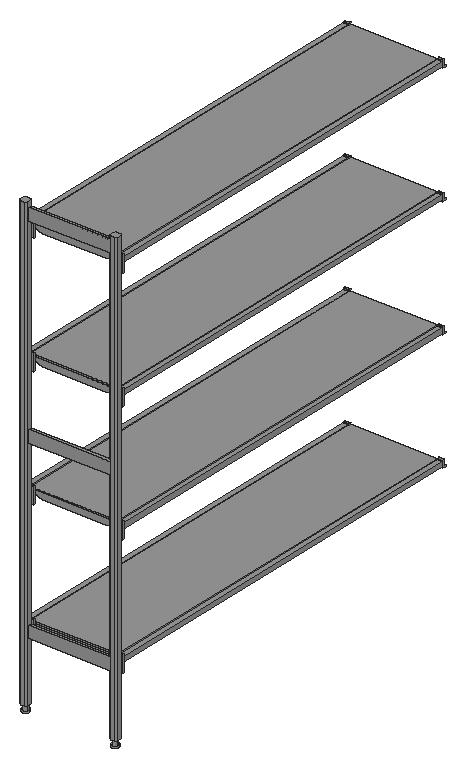
Revit family "QF_ELECTROLUXPROFESSIONAL_137058_ACS1537", category Attrezzature speciali, Revit 2020
Family settings
  Quota connettore circolare = Usa diametro
  Tipo di parte = Normale
  Basato su piano di lavoro = No
  Sempre verticale = Sì
  Taglio con vuoti quando caricato = No
  Condiviso = No
  Punto di calcolo locali = No
Parameters (values of type "Standard")
  Weight = 23.00 kg
  Watts = 0 W
  Volts = 0 V
  URL Manufacturer = "https://www.electroluxprofessional.com/"
  URL = "https://www.electroluxprofessional.com/"
  Steam Supply Size = 0 mm
  Steam Supply Minimum Pressure = 0.0 Pa
  Steam Supply Maximum Pressure = 0.0 Pa
  Steam Consumption per Hour = 0
  Refrigeration Suction Line Size = 0.0 mm
  Refrigeration Liquid Line Size = 0.0 mm
  Refrigerant Compressor Remote = yes
  Prospetto di default = 0.0 mm
  Phase = 0
  Modello = "ACS1537"
  Produttore = "Electrolux Professional"
  Length Actual = 1541.0 mm  # constant formula
  Item Number = "137058"
  Hot Water Size = 0 mm
  Height Actual = 1700.0 mm  # constant formula
  HP = "0 HP"
  Gas Size = 0 mm
  Gas KW = 0
  Gas Input Pressure = 0 W
  Direct Waste Size = 0 mm
  Descrizione = "ALUM.CORNER SHELV.-POLY.TIERS-373X1541MM"
  Depth Actual = 373.0 mm  # constant formula
  Cycle = 0 Hz
  Condensate Return Size = 0 mm
  Compressed Air Volume = 0.0 L/s
  Compressed Air Size = 0 mm
  Compressed Air Pressure = 0.0 Pa
  Cold Water Size = 0 mm
  Accessory = yes
Reference planes
  plane 1: z = 0
  plane 2 "Center (F/B)": y = -163.5
  plane 3 "Front": y = -549.5
  plane 4 "Left": x = -217.5
  plane 5 "Right": x = 155.5
  plane 6 "TOP": z = 1700
  plane 7: y = -517.5
  plane 8: y = 987.5
  plane 9 "Center (Left/Right)": x = -31
  plane 10: y = 982.5
  plane 11: x = -186
  plane 12: x = 124
  plane 13 "FEET": z = 25
  plane 14: z = 275
  plane 15: z = 725
  plane 16: z = 1175
  plane 17: z = 1625
  plane 18 "CXLeft": y = -535.5
  plane 19: x = -200
  plane 20 "CYBack": x = -200
  plane 21 "CYFront": x = 138
  plane 22 "Back": y = 991.5
  plane 23 "LEFT_ORIGIN": x = -251.5
  plane 24 "BACK_Origin": y = 1364.5
Forms (mm)
  Extrusion 1, solid, material "QF_Aluminum"
    sketch origin (0, -549.5, 0) x (-1, 0, 0) y (0, 0, 1)
      loop
        line (198.5, 1650.994) -> (198.5, 1632.998) -> (217.5, 1632.998) -> (217.5, 1650.994) -> (198.5, 1650.994)
      loop
        line (-136.5, 1650.994) -> (-155.5, 1650.994) -> (-155.5, 1632.998) -> (-136.5, 1632.998) -> (-136.5, 1650.994)
      loop
        line (198.5, 1200.994) -> (198.5, 1182.998) -> (217.5, 1182.998) -> (217.5, 1200.994) -> (198.5, 1200.994)
      loop
        line (-136.5, 1200.994) -> (-155.5, 1200.994) -> (-155.5, 1182.998) -> (-136.5, 1182.998) -> (-136.5, 1200.994)
      loop
        line (198.5, 750.994) -> (198.5, 732.998) -> (217.5, 732.998) -> (217.5, 750.994) -> (198.5, 750.994)
      loop
        line (-136.5, 750.994) -> (-155.5, 750.994) -> (-155.5, 732.998) -> (-136.5, 732.998) -> (-136.5, 750.994)
      loop
        line (198.5, 300.994) -> (198.5, 282.998) -> (217.5, 282.998) -> (217.5, 300.994) -> (198.5, 300.994)
      loop
        line (-136.5, 300.994) -> (-155.5, 300.994) -> (-155.5, 282.998) -> (-136.5, 282.998) -> (-136.5, 300.994)
    from 32 to 1537
  Extrusion 2, solid, material "QF_Polyethylene"
    sketch origin (0, -549.5, 0) x (-1, 0, 0) y (0, 0, 1)
      loop
        line (196.507, 1650.994) -> (-134.5, 1650.994) -> (-134.5, 1644.496) -> (196.507, 1644.496) -> (196.507, 1650.994)
      loop
        line (196.507, 1200.994) -> (-134.5, 1200.994) -> (-134.5, 1194.496) -> (196.507, 1194.496) -> (196.507, 1200.994)
      loop
        line (196.507, 750.994) -> (-134.5, 750.994) -> (-134.5, 744.496) -> (196.507, 744.496) -> (196.507, 750.994)
      loop
        line (196.507, 300.994) -> (-134.5, 300.994) -> (-134.5, 294.496) -> (196.507, 294.496) -> (196.507, 300.994)
    from 32 to 1537
Lines and regions (mm)
  symbolic lines
    curve 1: line (-198.5, 987.5, 1700) -> (-198.5, -517.5, 1700)
    curve 2: line (-217.5, -521.5, 1700) -> (-217.5, 987.5, 1700)
    curve 3: line (155.5, -521.5, 1700) -> (155.5, 987.5, 1700)
    curve 4: line (-181.507, -517.5, 1700) -> (119.507, -517.5, 1700)
    curve 5: line (136.5, -517.5, 1700) -> (136.5, 987.5, 1700)
    curve 6: line (-198.5, 987.5, 1700) -> (136.5, 987.5, 1700)
Dimensions and locks
  plane 3 "Front" to plane 2 "Center (F/B)" = 386.0 mm
  locked: plane 6 "TOP" to level at 1700
  locked: plane 4 "Left" to plane 5 "Right" at 373
  locked: plane 7 to plane 8 at 1505
  locked: plane 3 "Front" to plane 7 at 32
  plane 10 to plane 8 = 5.0 mm
  locked: plane 11 to plane 12 at 310
  equal spacing: plane 11, plane 9 "Center (Left/Right)", plane 12
  equal spacing: plane 4 "Left", plane 9 "Center (Left/Right)", plane 5 "Right"
  plane 13 "FEET" to level = 25.0 mm
  plane 6 "TOP" to plane 13 "FEET" = 1675.0 mm
  plane 14 to plane 13 "FEET" = 250.0 mm
  plane 15 to plane 14 = 450.0 mm
  plane 16 to plane 15 = 450.0 mm
  plane 17 to plane 16 = 450.0 mm
  locked: plane 3 "Front" to plane 18 "CXLeft" at 14
  locked: plane 3 "Front" to plane 22 "Back" at 1541
  plane 23 "LEFT_ORIGIN" to plane 5 "Right" = 407.0 mm
  locked: plane 22 "Back" to plane 24 "BACK_Origin" at 373
  aligned and locked: level to plane 1
  aligned and locked: Extrusion 2 to plane 7
  aligned and locked: plane 8 to Extrusion 2
  aligned and locked: Extrusion 1 to plane 7
  aligned and locked: plane 8 to Extrusion 1
  aligned and locked: Extrusion 1 sketch curve to Extrusion 1 sketch curve  (x2)
  aligned and locked: nested 1 to plane 18 "CXLeft"
  aligned and locked: nested 2 to plane 10
Automatic sketch dimensions
  curve 2 to plane 4 "Left" = 0.0 mm
  curve 3 to plane 5 "Right" = 0.0 mm
  plane 7 to curve 1 = 0.0 mm
  plane 7 to curve 4 = 0.0 mm
  plane 7 to curve 5 = 0.0 mm
  plane 8 to curve 2 = 0.0 mm
  plane 8 to curve 1 = 0.0 mm
  plane 8 to curve 3 = 0.0 mm
  plane 21 "CYFront" to curve 5 = 1.5 mm
  plane 19 to curve 6 = 1.5 mm
  plane 7 to curve 3 = 4.0 mm
  plane 7 to curve 2 = 4.0 mm
  plane 12 to curve 4 = 4.493 mm
  curve 4 to plane 11 = 4.493 mm
  plane 5 "Right" to Extrusion 1 sketch curve = 0.0 mm  (x4)
  plane 4 "Left" to Extrusion 1 sketch curve = 0.0 mm  (x4)
  plane 21 "CYFront" to Extrusion 1 sketch curve = 1.5 mm  (x2)
  plane 19 to Extrusion 1 sketch curve = 1.5 mm  (x4)
  plane 14 to Extrusion 1 sketch curve = 7.998 mm  (x2)
  Extrusion 1 sketch curve to Extrusion 1 sketch curve = 17.997 mm  (x8)
  plane 15 to Extrusion 1 sketch curve = 7.998 mm  (x2)
  plane 16 to Extrusion 1 sketch curve = 7.998 mm  (x2)
  plane 17 to Extrusion 1 sketch curve = 7.998 mm  (x2)
  plane 21 "CYFront" to Extrusion 2 sketch curve = 3.5 mm  (x4)
  plane 19 to Extrusion 2 sketch curve = 3.493 mm  (x4)
  plane 14 to Extrusion 2 sketch curve = 19.496 mm
  Extrusion 2 sketch curve to Extrusion 2 sketch curve = 6.499 mm  (x4)
  plane 15 to Extrusion 2 sketch curve = 19.496 mm
  plane 16 to Extrusion 2 sketch curve = 19.496 mm
  plane 17 to Extrusion 2 sketch curve = 19.496 mm
Nested families
  nested 1: "WT_Anta373" at (-194.5, -132.5, 0) x (0, 1, 0) z (0, 0, 1), type "WT_Anta373"
  nested 2: "WT_Aggancio373" at (-194.5, 1399.5, 0) x (0, 1, 0) z (0, 0, 1), type "WT_Aggancio373"
Definition of nested family "WT_Anta373"
  Parameters
    WidthLeft = A + 64.0 mm  # 772.0 mm
    Width = 1606.0 mm
    Right = WidthLeft / 2  # 386.0 mm
    Default Elevation = 0.0 mm
    Left = -WidthLeft / 2  # -386.0 mm
    Height = 1725.0 mm
    FEET = 25.0 mm
    E = 0.0 mm
    Dint = Depth - 63.0 mm  # 310.0 mm
    Dext = Depth - 8.0 mm  # 365.0 mm
    Depth = 373.0 mm
    DX = (WidthLeft - A) / 2  # 32.0 mm
    B = 798.0 mm
    A = 708.0 mm
  Reference planes
    plane 1: z = 0
    plane 2 "LEFT": x = -417
    plane 3 "BACK": y = 23
    plane 4 "FRONT": y = -350
    plane 5 "TOP": z = 1725
    plane 6 "Center (Front/Back)": y = -163.5
    plane 7: y = -8.5
    plane 8: y = -318.5
    plane 9 "FEET": z = 25
    plane 10: z = 275
    plane 11: z = 725
    plane 12: z = 1175
    plane 13: z = 1625
    plane 14 "CXLeft": x = -403
    plane 15: y = 5.5
    plane 16 "CYBack": y = 5.5
    plane 17 "CYFront": y = -332.5
    plane 18: x = -385.031
    plane 19: x = -380.031
  Forms (mm)
    Extrusion 1, solid
      sketch origin (0, 0, 0) x (1, 0, 0) y (0, 1, 0)
        loop
          line (-417, 13.246) -> (-417, -2.246) -> (-410.746, -8.5) -> (-395.254, -8.5) -> (-389, -2.246) -> (-389, 13.246) -> (-395.254, 19.5) -> (-410.746, 19.5) -> (-417, 13.246)
      from 1725 to 25
    Extrusion 2, solid
      sketch origin (-417, 0, 0) x (0, 1, 0) y (0, 0, 1)
        loop
          line (23, 246.005) -> (23, 307.993) -> (-12.993, 307.993) -> (-12.993, 246.005) -> (23, 246.005)
        loop
          line (-350, 246.005) -> (-314.007, 246.005) -> (-314.007, 307.993) -> (-350, 307.993) -> (-350, 246.005)
        loop
          line (23, 696.005) -> (23, 757.993) -> (-12.993, 757.993) -> (-12.993, 696.005) -> (23, 696.005)
        loop
          line (-350, 696.005) -> (-314.007, 696.005) -> (-314.007, 757.993) -> (-350, 757.993) -> (-350, 696.005)
        loop
          line (23, 1146.005) -> (23, 1207.993) -> (-12.993, 1207.993) -> (-12.993, 1146.005) -> (23, 1146.005)
        loop
          line (-350, 1146.005) -> (-314.007, 1146.005) -> (-314.007, 1207.993) -> (-350, 1207.993) -> (-350, 1146.005)
        loop
          line (23, 1596.005) -> (23, 1657.993) -> (-12.993, 1657.993) -> (-12.993, 1596.005) -> (23, 1596.005)
        loop
          line (-350, 1596.005) -> (-314.007, 1596.005) -> (-314.007, 1657.993) -> (-350, 1657.993) -> (-350, 1596.005)
      from 28 to 32
    Revolve 3, solid
      sketch origin (-403, 0, 0) x (0, 1, 0) y (0, 0, 1)
        loop
          line (5.5, 25) -> (5.5, 0) -> (19, 0) -> (19, 5) -> (14, 5) -> (14, 25) -> (5.5, 25)
        axis (5.5, 25) -> (5.5, 0)
      angle from 0 to 360
    Extrusion 4, solid
      sketch origin (-403, 0, 0) x (0, 1, 0) y (0, 0, 1)
        loop
          line (-8.5, 912.382) -> (-8.5, 957.374) -> (-318.5, 957.374) -> (-318.5, 912.382) -> (-8.5, 912.382)
        loop
          line (-8.5, 1662.244) -> (-8.5, 1707.236) -> (-318.5, 1707.236) -> (-318.5, 1662.244) -> (-8.5, 1662.244)
      from -5 to 5
    Revolve 5, solid
      sketch origin (-403, -627, 0) x (0, -1, 0) y (0, 0, 1)
        loop
          line (-294.5, 25) -> (-294.5, 0) -> (-281, 0) -> (-281, 5) -> (-286, 5) -> (-286, 25) -> (-294.5, 25)
        axis (-294.5, 25) -> (-294.5, 0)
      angle from 0 to 360
    Extrusion 6, solid
      sketch origin (0, -627, 0) x (1, 0, 0) y (0, 1, 0)
        loop
          line (-417, 286.754) -> (-410.746, 280.5) -> (-395.254, 280.5) -> (-389, 286.754) -> (-389, 302.246) -> (-395.254, 308.5) -> (-410.746, 308.5) -> (-417, 302.246) -> (-417, 286.754)
      from 1725 to 25
    Extrusion 7, solid
      sketch origin (-417.031, -0.022, 0) x (0, 1, 0) y (0, 0, -1)
        loop
          line (-12, -1632.998) -> (-46, -1620.994) -> (-281, -1620.994) -> (-315, -1632.998) -> (-331, -1632.998) -> (-331, -1650.994) -> (-329, -1650.994) -> (-329, -1644.496) -> (2.007, -1644.496) -> (2.007, -1650.994) -> (4, -1650.994) -> (4, -1632.998) -> (-12, -1632.998)
        loop
          line (-12, -1182.998) -> (-46, -1170.994) -> (-281, -1170.994) -> (-315, -1182.998) -> (-331, -1182.998) -> (-331, -1200.994) -> (-329, -1200.994) -> (-329, -1194.496) -> (2.007, -1194.496) -> (2.007, -1200.994) -> (4, -1200.994) -> (4, -1182.998) -> (-12, -1182.998)
        loop
          line (-12, -732.998) -> (-46, -720.994) -> (-281, -720.994) -> (-315, -732.998) -> (-331, -732.998) -> (-331, -750.994) -> (-329, -750.994) -> (-329, -744.496) -> (2.007, -744.496) -> (2.007, -750.994) -> (4, -750.994) -> (4, -732.998) -> (-12, -732.998)
        loop
          line (-12, -282.998) -> (-46, -270.994) -> (-281, -270.994) -> (-315, -282.998) -> (-331, -282.998) -> (-331, -300.994) -> (-329, -300.994) -> (-329, -294.496) -> (2.007, -294.496) -> (2.007, -300.994) -> (4, -300.994) -> (4, -282.998) -> (-12, -282.998)
      from -32 to -37
    Extrusion 8, solid
      sketch origin (-403, 0, -659.878) x (0, 1, 0) y (0, 0, 1)
        loop
          line (-8.5, 912.382) -> (-8.5, 957.374) -> (-318.5, 957.374) -> (-318.5, 912.382) -> (-8.5, 912.382)
        loop
          line (-8.5, 1572.382) -> (-8.5, 1617.374) -> (-318.5, 1617.374) -> (-318.5, 1572.382) -> (-8.5, 1572.382)
        loop
          line (-8.5, 2322.382) -> (-8.5, 2367.374) -> (-318.5, 2367.374) -> (-318.5, 2322.382) -> (-8.5, 2322.382)
      from -5 to 5
  Lines and regions (mm)
    symbolic lines
      curve 1: line (-408, -8.5, 1725) -> (-408, -318.5, 1725)
      curve 2: line (-398, -318.5, 1725) -> (-398, -8.5, 1725)
      curve 3: line (-395.254, -8.5, 1725) -> (-410.746, -8.5, 1725)
      curve 4: line (-417, -2.246, 1725) -> (-410.746, -8.5, 1725)
      curve 5: line (-417, 13.246, 1725) -> (-417, -2.246, 1725)
      curve 6: line (-410.746, 19.5, 1725) -> (-417, 13.246, 1725)
      curve 7: line (-395.254, 19.5, 1725) -> (-410.746, 19.5, 1725)
      curve 8: line (-389, 13.246, 1725) -> (-395.254, 19.5, 1725)
      curve 9: line (-395.254, -8.5, 1725) -> (-389, -2.246, 1725)
      curve 10: line (-395.254, -318.5, 1725) -> (-410.746, -318.5, 1725)
      curve 11: line (-417, -324.754, 1725) -> (-410.746, -318.5, 1725)
      curve 12: line (-410.746, -346.5, 1725) -> (-417, -340.246, 1725)
      curve 13: line (-395.254, -346.5, 1725) -> (-410.746, -346.5, 1725)
      curve 14: line (-389, -340.246, 1725) -> (-395.254, -346.5, 1725)
      curve 15: line (-395.254, -318.5, 1725) -> (-389, -324.754, 1725)
      curve 16: line (-389, -350, 1725) -> (-389, -314.007, 1725)
      curve 17: line (-389, -314.007, 1725) -> (-385, -314.007, 1725)
      curve 18: line (-389, 23, 1725) -> (-389, -12.993, 1725)
      curve 19: line (-389, -12.993, 1725) -> (-385, -12.993, 1725)
      curve 20: line (-417, -324.754, 1725) -> (-417, -340.246, 1725)
      curve 21: line (-385, -350, 1725) -> (-385, -314.007, 1725)
      curve 22: line (-385, -350, 1725) -> (-389, -350, 1725)
      curve 23: line (-385, 23, 1725) -> (-389, 23, 1725)
      curve 24: line (-385, -12.993, 1725) -> (-385, 23, 1725)
      curve 25: line (-385.031, -13.016, 1725) -> (-385.031, -314.029, 1725)
  Dimensions and locks
    "Height": plane 5 "TOP" to level
    "Depth": plane 3 "BACK" to plane 4 "FRONT"
    "Dint": plane 7 to plane 8
    equal spacing: plane 7, plane 6 "Center (Front/Back)", plane 8
    equal spacing: plane 3 "BACK", plane 6 "Center (Front/Back)", plane 4 "FRONT"
    plane 9 "FEET" to level = 25.0 mm
    plane 5 "TOP" to plane 9 "FEET" = 1700.0 mm
    plane 10 to plane 9 "FEET" = 250.0 mm
    plane 11 to plane 10 = 450.0 mm
    plane 12 to plane 11 = 450.0 mm
    plane 13 to plane 12 = 450.0 mm
    locked: plane 2 "LEFT" to plane 14 "CXLeft" at 14
    locked: plane 3 "BACK" to plane 16 "CYBack" at 17.5
    locked: plane 17 "CYFront" to plane 4 "FRONT" at 17.5
    locked: Revolve 3 sketch curve to Revolve 3 sketch curve at 8.5
    locked: Revolve 3 sketch curve to plane 16 "CYBack" at 13.5
    locked: Revolve 5 sketch curve to Revolve 5 sketch curve at 8.5
    aligned and locked: level to plane 1
    aligned and locked: curve 20 to Extrusion 6
    aligned and locked: plane 5 "TOP" to Extrusion 1
    aligned and locked: plane 5 "TOP" to Extrusion 6
    aligned and locked: Extrusion 7 sketch curve to Extrusion 7 sketch curve  (x3)
  Automatic sketch dimensions
    curve 16 to plane 4 "FRONT" = 0.0 mm
    curve 11 to plane 8 = 0.0 mm
    curve 9 to plane 7 = 0.0 mm
    curve 5 to plane 2 "LEFT" = 0.0 mm
    curve 23 to plane 3 "BACK" = 0.0 mm
    plane 4 "FRONT" to curve 13 = 3.5 mm
    curve 20 to plane 17 "CYFront" = 7.746 mm
    curve 20 to plane 8 = 6.254 mm
    plane 8 to curve 16 = 4.493 mm
    curve 24 to plane 18 = 0.031 mm
    curve 24 to plane 7 = 4.493 mm
    plane 7 to curve 5 = 6.254 mm
    curve 5 to plane 15 = 7.746 mm
    curve 6 to plane 3 "BACK" = 3.5 mm
    curve 21 to plane 18 = 0.031 mm
    plane 18 to curve 23 = 3.969 mm
    plane 18 to curve 16 = 3.969 mm
    curve 18 to curve 8 = 6.254 mm
    curve 18 to curve 3 = 6.254 mm
    curve 16 to curve 13 = 6.254 mm
    curve 16 to curve 15 = 6.254 mm
    plane 2 "LEFT" to curve 10 = 6.254 mm
    plane 2 "LEFT" to curve 7 = 6.254 mm
    plane 2 "LEFT" to curve 12 = 6.254 mm
    plane 2 "LEFT" to curve 3 = 6.254 mm
    curve 14 to plane 17 "CYFront" = 7.746 mm
    curve 15 to plane 8 = 6.254 mm
    plane 7 to curve 9 = 6.254 mm
    curve 8 to plane 15 = 7.746 mm
    curve 3 to curve 2 = 2.746 mm
    curve 1 to curve 10 = 2.746 mm
    Extrusion 1 sketch curve to plane 2 "LEFT" = 0.0 mm
    Extrusion 1 sketch curve to plane 7 = 0.0 mm
    plane 2 "LEFT" to Extrusion 1 sketch curve = 6.254 mm  (x2)
    plane 14 "CXLeft" to Extrusion 1 sketch curve = 7.746 mm  (x2)
    Extrusion 1 sketch curve to plane 3 "BACK" = 3.5 mm
    plane 18 to Extrusion 1 sketch curve = 3.969 mm
    plane 7 to Extrusion 1 sketch curve = 6.254 mm  (x2)
    Extrusion 1 sketch curve to plane 15 = 7.746 mm  (x2)
    Extrusion 2 sketch curve to plane 4 "FRONT" = 0.0 mm  (x4)
    Extrusion 2 sketch curve to plane 3 "BACK" = 0.0 mm  (x4)
    plane 8 to Extrusion 2 sketch curve = 4.493 mm  (x4)
    Extrusion 2 sketch curve to plane 7 = 4.493 mm  (x4)
    Extrusion 2 sketch curve to plane 10 = 28.995 mm  (x2)
    plane 10 to Extrusion 2 sketch curve = 32.993 mm  (x2)
    Extrusion 2 sketch curve to plane 11 = 28.995 mm  (x2)
    plane 11 to Extrusion 2 sketch curve = 32.993 mm  (x2)
    Extrusion 2 sketch curve to plane 12 = 28.995 mm  (x2)
    plane 12 to Extrusion 2 sketch curve = 32.993 mm  (x2)
    Extrusion 2 sketch curve to plane 13 = 28.995 mm  (x2)
    plane 13 to Extrusion 2 sketch curve = 32.993 mm  (x2)
    Revolve 3 sketch curve to plane 9 "FEET" = 0.0 mm  (x2)
    Revolve 3 sketch curve to plane 15 = 0.0 mm  (x2)
    Revolve 3 sketch curve to level = 0.0 mm
    level to Revolve 3 sketch curve = 5.0 mm
    Revolve 3 sketch curve to Revolve 3 sketch curve = 11.655 mm
    Extrusion 4 sketch curve to plane 8 = 0.0 mm  (x2)
    Extrusion 4 sketch curve to plane 7 = 0.0 mm  (x2)
    plane 11 to Extrusion 4 sketch curve = 187.382 mm
    Extrusion 4 sketch curve to Extrusion 4 sketch curve = 44.992 mm
    plane 13 to Extrusion 4 sketch curve = 37.244 mm
    Extrusion 4 sketch curve to plane 5 "TOP" = 17.764 mm
    Revolve 5 sketch curve to plane 9 "FEET" = 0.0 mm  (x2)
    Revolve 5 sketch curve to plane 17 "CYFront" = 0.0 mm  (x2)
    Revolve 5 sketch curve to level = 0.0 mm
    Revolve 5 sketch curve to plane 4 "FRONT" = 4.0 mm
    Revolve 5 sketch curve to Revolve 5 sketch curve = 5.0 mm
    level to Revolve 5 sketch curve = 11.655 mm
    Extrusion 6 sketch curve to plane 2 "LEFT" = 0.0 mm
    Extrusion 6 sketch curve to plane 8 = 0.0 mm
    Extrusion 6 sketch curve to plane 2 "LEFT" = 6.254 mm  (x2)
    Extrusion 6 sketch curve to plane 14 "CXLeft" = 7.746 mm  (x2)
    Extrusion 6 sketch curve to plane 4 "FRONT" = 3.5 mm
    Extrusion 6 sketch curve to plane 18 = 3.969 mm
    plane 8 to Extrusion 6 sketch curve = 6.254 mm  (x2)
    plane 17 "CYFront" to Extrusion 6 sketch curve = 7.746 mm  (x2)
    plane 17 "CYFront" to Extrusion 7 sketch curve = 1.478 mm  (x4)
    Extrusion 7 sketch curve to Extrusion 7 sketch curve = 2.0 mm
    plane 8 to Extrusion 7 sketch curve = 3.478 mm  (x4)
    Extrusion 7 sketch curve to plane 10 = 4.006 mm
    Extrusion 7 sketch curve to Extrusion 7 sketch curve = 34.0 mm  (x4)
    Extrusion 7 sketch curve to plane 11 = 4.006 mm
    Extrusion 7 sketch curve to plane 12 = 4.006 mm
    Extrusion 7 sketch curve to plane 13 = 4.006 mm
    Extrusion 7 sketch curve to plane 7 = 37.522 mm  (x4)
    Extrusion 7 sketch curve to plane 7 = 3.522 mm  (x4)
    plane 15 to Extrusion 7 sketch curve = 3.516 mm  (x4)
    plane 15 to Extrusion 7 sketch curve = 1.522 mm  (x4)
    plane 13 to Extrusion 7 sketch curve = 7.998 mm  (x2)
    Extrusion 7 sketch curve to Extrusion 7 sketch curve = 11.498 mm
    Extrusion 7 sketch curve to Extrusion 7 sketch curve = 6.499 mm  (x5)
    plane 12 to Extrusion 7 sketch curve = 25.994 mm  (x2)
    plane 12 to Extrusion 7 sketch curve = 7.998 mm  (x2)
    plane 11 to Extrusion 7 sketch curve = 25.994 mm  (x2)
    plane 11 to Extrusion 7 sketch curve = 7.998 mm  (x2)
    plane 10 to Extrusion 7 sketch curve = 25.994 mm  (x2)
    plane 10 to Extrusion 7 sketch curve = 7.998 mm  (x2)
    curve 25 to plane 18 = 0.0 mm
    plane 8 to curve 25 = 4.471 mm
    curve 25 to plane 7 = 4.516 mm
    Extrusion 8 sketch curve to plane 8 = 0.0 mm  (x3)
    Extrusion 8 sketch curve to plane 7 = 0.0 mm  (x3)
    Extrusion 8 sketch curve to plane 10 = 22.496 mm
    plane 10 to Extrusion 8 sketch curve = 22.496 mm
    plane 11 to Extrusion 8 sketch curve = 187.504 mm
    Extrusion 8 sketch curve to Extrusion 8 sketch curve = 44.992 mm
    plane 13 to Extrusion 8 sketch curve = 37.504 mm
    Extrusion 8 sketch curve to plane 5 "TOP" = 17.504 mm
Definition of nested family "WT_Aggancio373"
  Parameters
    WidthLeft = A + 64.0 mm  # 772.0 mm
    Width = 1606.0 mm
    Right = WidthLeft / 2  # 386.0 mm
    Default Elevation = 0.0 mm
    Left = -WidthLeft / 2  # -386.0 mm
    Height = 1725.0 mm
    FEET = 25.0 mm
    E = 0.0 mm
    Dint = Depth - 63.0 mm  # 310.0 mm
    Dext = Depth - 8.0 mm  # 365.0 mm
    Depth = 373.0 mm
    DX = (WidthLeft - A) / 2  # 32.0 mm
    B = 798.0 mm
    A = 708.0 mm
  Reference planes
    plane 1: z = 0
    plane 2 "LEFT": x = -417
    plane 3 "BACK": y = 23
    plane 4 "FRONT": y = -350
    plane 5 "TOP": z = 1725
    plane 6 "Center (Front/Back)": y = -163.5
    plane 7: y = -8.5
    plane 8: y = -318.5
    plane 9 "FEET": z = 25
    plane 10: z = 275
    plane 11: z = 725
    plane 12: z = 1175
    plane 13: z = 1625
    plane 14: y = 5.5
    plane 15 "CYBack": y = 5.5
    plane 16 "CYFront": y = -332.5
  Forms (mm)
    Extrusion 1, solid
      sketch origin (-380, -0.022, 0) x (0, 1, 0) y (0, 0, 1)
        loop
          line (-12, 1632.998) -> (4, 1632.998) -> (4, 1650.994) -> (2.007, 1650.994) -> (2.007, 1644.496) -> (-329, 1644.496) -> (-329, 1650.994) -> (-331, 1650.994) -> (-331, 1632.998) -> (-315, 1632.998) -> (-281, 1620.994) -> (-46, 1620.994) -> (-12, 1632.998)
        loop
          line (-12, 1182.998) -> (4, 1182.998) -> (4, 1200.994) -> (2.007, 1200.994) -> (2.007, 1194.496) -> (-329, 1194.496) -> (-329, 1200.994) -> (-331, 1200.994) -> (-331, 1182.998) -> (-315, 1182.998) -> (-281, 1170.994) -> (-46, 1170.994) -> (-12, 1182.998)
        loop
          line (-12, 732.998) -> (4, 732.998) -> (4, 750.994) -> (2.007, 750.994) -> (2.007, 744.496) -> (-329, 744.496) -> (-329, 750.994) -> (-331, 750.994) -> (-331, 732.998) -> (-315, 732.998) -> (-281, 720.994) -> (-46, 720.994) -> (-12, 732.998)
        loop
          line (-12, 282.998) -> (4, 282.998) -> (4, 300.994) -> (2.007, 300.994) -> (2.007, 294.496) -> (-329, 294.496) -> (-329, 300.994) -> (-331, 300.994) -> (-331, 282.998) -> (-315, 282.998) -> (-281, 270.994) -> (-46, 270.994) -> (-12, 282.998)
      from -32 to -37
    Extrusion 2, solid
      sketch origin (-793.062, -324.754, 6.5) x (1, 0, 0) y (0, 0, 1)
        loop
          line (385.062, 1644.496) -> (385.062, 1647.496) -> (376.062, 1647.496) -> (376.062, 1620.994) -> (390.031, 1620.994) -> (390.031, 1626.496) -> (381.062, 1626.496) -> (381.062, 1644.496) -> (385.062, 1644.496)
        loop
          line (385.062, 1194.496) -> (385.062, 1197.496) -> (376.062, 1197.496) -> (376.062, 1170.994) -> (390.031, 1170.994) -> (390.031, 1176.496) -> (381.062, 1176.496) -> (381.062, 1194.496) -> (385.062, 1194.496)
        loop
          line (385.062, 744.496) -> (385.062, 747.496) -> (376.062, 747.496) -> (376.062, 720.994) -> (390.031, 720.994) -> (390.031, 726.496) -> (381.062, 726.496) -> (381.062, 744.496) -> (385.062, 744.496)
        loop
          line (385.062, 294.496) -> (385.062, 297.496) -> (376.062, 297.496) -> (376.062, 270.994) -> (390.031, 270.994) -> (390.031, 276.496) -> (381.062, 276.496) -> (381.062, 294.496) -> (385.062, 294.496)
      from 6.268 to 25.246
    Extrusion 3, solid
      sketch origin (-793.062, 32.754, 6.5) x (1, 0, 0) y (0, 0, 1)
        loop
          line (385.062, 1644.496) -> (385.062, 1647.496) -> (376.062, 1647.496) -> (376.062, 1620.994) -> (390.031, 1620.994) -> (390.031, 1626.496) -> (381.062, 1626.496) -> (381.062, 1644.496) -> (385.062, 1644.496)
        loop
          line (385.062, 1194.496) -> (385.062, 1197.496) -> (376.062, 1197.496) -> (376.062, 1170.994) -> (390.031, 1170.994) -> (390.031, 1176.496) -> (381.062, 1176.496) -> (381.062, 1194.496) -> (385.062, 1194.496)
        loop
          line (385.062, 744.496) -> (385.062, 747.496) -> (376.062, 747.496) -> (376.062, 720.994) -> (390.031, 720.994) -> (390.031, 726.496) -> (381.062, 726.496) -> (381.062, 744.496) -> (385.062, 744.496)
        loop
          line (385.062, 294.496) -> (385.062, 297.496) -> (376.062, 297.496) -> (376.062, 270.994) -> (390.031, 270.994) -> (390.031, 276.496) -> (381.062, 276.496) -> (381.062, 294.496) -> (385.062, 294.496)
      from 9.754 to 28.776
  Lines and regions (mm)
    symbolic lines
      curve 1: line (-412, -350, 0) -> (-408, -350, 0)
      curve 2: line (-412, -331.022, 0) -> (-412, -350, 0)
      curve 3: line (-408, -331.022, 0) -> (-412, -331.022, 0)
      curve 4: line (-408, -350, 0) -> (-408, -331.022, 0)
      curve 5: line (-412, 3.978, 0) -> (-408, 3.978, 0)
      curve 6: line (-412, 23, 0) -> (-412, 3.978, 0)
      curve 7: line (-408, 23, 0) -> (-412, 23, 0)
      curve 8: line (-408, 3.978, 0) -> (-408, 23, 0)
  Dimensions and locks
    "Height": plane 5 "TOP" to level
    "Depth": plane 3 "BACK" to plane 4 "FRONT"
    "Dint": plane 7 to plane 8
    equal spacing: plane 7, plane 6 "Center (Front/Back)", plane 8
    equal spacing: plane 3 "BACK", plane 6 "Center (Front/Back)", plane 4 "FRONT"
    plane 9 "FEET" to level = 25.0 mm
    plane 5 "TOP" to plane 9 "FEET" = 1700.0 mm
    plane 10 to plane 9 "FEET" = 250.0 mm
    plane 11 to plane 10 = 450.0 mm
    plane 12 to plane 11 = 450.0 mm
    plane 13 to plane 12 = 450.0 mm
    locked: plane 3 "BACK" to plane 15 "CYBack" at 17.5
    locked: plane 16 "CYFront" to plane 4 "FRONT" at 17.5
    aligned and locked: level to plane 1
    aligned and locked: Extrusion 1 sketch curve to Extrusion 1 sketch curve  (x3)
  Automatic sketch dimensions
    plane 16 "CYFront" to Extrusion 1 sketch curve = 1.478 mm  (x4)
    Extrusion 1 sketch curve to Extrusion 1 sketch curve = 2.0 mm
    plane 8 to Extrusion 1 sketch curve = 3.478 mm  (x4)
    Extrusion 1 sketch curve to plane 10 = 4.006 mm
    Extrusion 1 sketch curve to Extrusion 1 sketch curve = 34.0 mm  (x4)
    Extrusion 1 sketch curve to plane 11 = 4.006 mm
    Extrusion 1 sketch curve to plane 12 = 4.006 mm
    Extrusion 1 sketch curve to plane 13 = 4.006 mm
    Extrusion 1 sketch curve to plane 7 = 37.522 mm  (x4)
    Extrusion 1 sketch curve to plane 7 = 3.522 mm  (x4)
    plane 14 to Extrusion 1 sketch curve = 3.516 mm  (x4)
    plane 14 to Extrusion 1 sketch curve = 1.522 mm  (x4)
    plane 10 to Extrusion 1 sketch curve = 7.998 mm  (x2)
    Extrusion 1 sketch curve to Extrusion 1 sketch curve = 11.498 mm  (x4)
    Extrusion 1 sketch curve to Extrusion 1 sketch curve = 6.499 mm  (x8)
    plane 11 to Extrusion 1 sketch curve = 7.998 mm  (x2)
    plane 12 to Extrusion 1 sketch curve = 7.998 mm  (x2)
    plane 13 to Extrusion 1 sketch curve = 7.998 mm  (x2)
    plane 2 "LEFT" to Extrusion 2 sketch curve = 0.0 mm  (x4)
    plane 13 to Extrusion 2 sketch curve = 7.996 mm
    plane 11 to Extrusion 2 sketch curve = 7.996 mm
    Extrusion 2 sketch curve to Extrusion 2 sketch curve = 5.0 mm  (x4)
    plane 11 to Extrusion 2 sketch curve = 2.494 mm
    plane 10 to Extrusion 2 sketch curve = 28.996 mm
    Extrusion 2 sketch curve to Extrusion 2 sketch curve = 3.0 mm  (x4)
    plane 10 to Extrusion 2 sketch curve = 7.996 mm
    plane 10 to Extrusion 2 sketch curve = 2.494 mm
    Extrusion 2 sketch curve to Extrusion 2 sketch curve = 18.0 mm  (x3)
    plane 12 to Extrusion 2 sketch curve = 2.494 mm
    plane 12 to Extrusion 2 sketch curve = 7.996 mm
    plane 13 to Extrusion 2 sketch curve = 2.494 mm
    plane 2 "LEFT" to Extrusion 3 sketch curve = 0.0 mm  (x4)
    plane 13 to Extrusion 3 sketch curve = 7.996 mm
    plane 11 to Extrusion 3 sketch curve = 7.996 mm
    Extrusion 3 sketch curve to Extrusion 3 sketch curve = 5.0 mm  (x4)
    plane 11 to Extrusion 3 sketch curve = 2.494 mm
    plane 10 to Extrusion 3 sketch curve = 28.996 mm
    Extrusion 3 sketch curve to Extrusion 3 sketch curve = 3.0 mm  (x4)
    plane 10 to Extrusion 3 sketch curve = 7.996 mm
    plane 10 to Extrusion 3 sketch curve = 2.494 mm
    Extrusion 3 sketch curve to Extrusion 3 sketch curve = 18.0 mm  (x3)
    plane 12 to Extrusion 3 sketch curve = 2.494 mm
    plane 12 to Extrusion 3 sketch curve = 7.996 mm
    plane 13 to Extrusion 3 sketch curve = 2.494 mm
    plane 2 "LEFT" to curve 1 = 5.0 mm
    plane 2 "LEFT" to curve 7 = 5.0 mm
    curve 1 to plane 16 "CYFront" = 17.5 mm
    curve 3 to plane 8 = 12.522 mm
    plane 7 to curve 5 = 12.478 mm
    curve 7 to plane 14 = 17.5 mm
    curve 5 to curve 5 = 4.0 mm
    curve 1 to curve 4 = 4.0 mm
    Extrusion 2 sketch curve to Extrusion 2 sketch curve = 4.0 mm  (x4)
    Extrusion 2 sketch curve to Extrusion 2 sketch curve = 8.969 mm  (x4)
    Extrusion 3 sketch curve to Extrusion 3 sketch curve = 4.0 mm  (x4)
    Extrusion 3 sketch curve to Extrusion 3 sketch curve = 8.969 mm  (x4)
